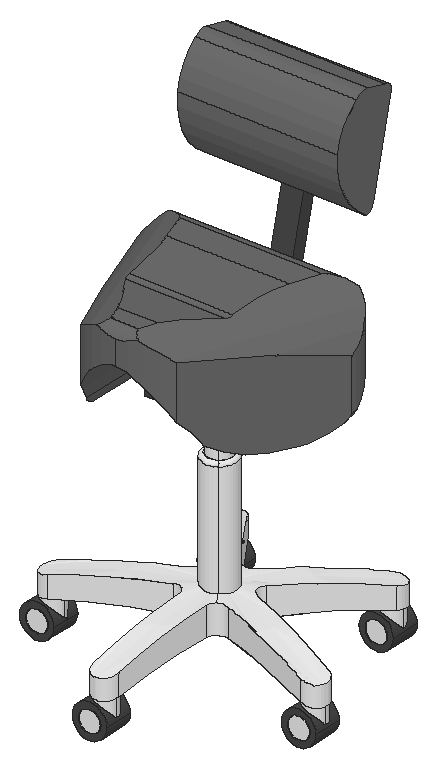
Revit family "Midmark - Royal Saddle Plus Chair", category Furniture, Revit 2017
Family settings
  Work Plane-Based = No
  Always vertical = Yes
  Cut with Voids When Loaded = No
  Shared = No
  Room Calculation Point = No
Parameters (values of type "Royal Saddle Plus Chair")
  URL = ""
  Type Comments = "Midmark Royal Saddle Plus Chair, Black"
  Model = "102-7400-11"
  Manufacturer = "MIDMARK"
  Description = "Confirm Color Selection and Armrests Upon Ordering"
  Base Structure Material = Chrome
  Accessories Material = Black Plastic
  Seat & Back Material = Black Vinyl
Reference planes (in)
  plane 1 "Center (Front/Back)": y = 0
  plane 2: z = 0
  plane 3 "Center (Left/Right)": x = 0
Forms (in)
  Revolve 1, solid, material "Chrome" <- "Base Structure Material"
    sketch origin (7.45649, -10.64898, 0) x (-0.573576, 0.819152, 0) y (0, 0, 1)
      loop
        line (13, 5.3216) -> (13, 3.2062)
        arc (13, 3.2062) -> (18.27494, 3.2344) -> (23.51111, 2.59544) r 41.6378
        line (23.51111, 2.59544) -> (24.03426, 2.49764)
        arc (24.03426, 2.49764) -> (24.18519, 2.41133) -> (24.25, 2.25) r 0.26467
        line (24.25, 2.25) -> (25.97839, 2.25) -> (25.97808, 2.61088)
        arc (25.97808, 2.61088) -> (25.80674, 3.12885) -> (25.36088, 3.44327) r 0.87094
        arc (25.36088, 3.44327) -> (19.24857, 4.83078) -> (13, 5.3216) r 43.31404
      axis (13, 2.25) -> (13, 5.3216)
    angle from 0 to 360
  Extrusion 2, void
    sketch origin (7.45649, -10.64898, 0) x (-0.573576, 0.819152, 0) y (-0.819152, -0.573576, 0)
      loop
        line (12.82738, -2.48509) -> (15.15471, -9.36488)
        arc (15.15471, -9.36488) -> (16.25596, -9.91779) -> (16.82231, -8.82339) r 0.87672
        line (16.82231, -8.82339) -> (14.67801, -1.93392)
        arc (14.67801, -1.93392) -> (14.78739, -1.27015) -> (15.38491, -0.96109) r 0.75
        line (15.38491, -0.96109) -> (22.57575, -0.87278)
        arc (22.57575, -0.87278) -> (23.43749, -0.00066) -> (22.57627, 0.87199) r 0.87245
        line (22.57627, 0.87199) -> (15.38028, 0.96469)
        arc (15.38028, 0.96469) -> (14.78295, 1.27411) -> (14.67396, 1.93794) r 0.75
        line (14.67396, 1.93794) -> (16.8234, 8.82929)
        arc (16.8234, 8.82929) -> (16.25929, 9.92122) -> (15.16045, 9.3707) r 0.8745
        line (15.16045, 9.3707) -> (12.82358, 2.48442)
        arc (12.82358, 2.48442) -> (12.34466, 2.01199) -> (11.67965, 2.11355) r 0.75
        line (11.67965, 2.11355) -> (5.75767, 6.31113)
        arc (5.75767, 6.31113) -> (4.53839, 6.11091) -> (4.72391, 4.88932) r 0.87901
        line (4.72391, 4.88932) -> (10.48004, 0.59733)
        arc (10.48004, 0.59733) -> (10.78172, -0.00396) -> (10.47999, -0.60522) r 0.75
        line (10.47999, -0.60522) -> (4.72325, -4.89703)
        arc (4.72325, -4.89703) -> (4.53855, -6.1108) -> (5.74992, -6.31064) r 0.87362
        line (5.74992, -6.31064) -> (11.68381, -2.11313)
        arc (11.68381, -2.11313) -> (12.34892, -2.01221) -> (12.82738, -2.48509) r 0.75
      loop
        circle (13, 0) r 13.25
    from 0.96289 to 5.26677
  Revolve 3, solid, material "Chrome" <- "Base Structure Material"
    sketch origin (7.45649, -10.64898, 0) x (-0.573576, 0.819152, 0) y (0, 0, 1)
      loop
        line (13, 20.88857) -> (13, 3.68355) -> (14.15616, 3.68355) -> (14.15616, 13.02774)
        arc (14.15616, 13.02774) -> (14.08293, 13.20452) -> (13.90616, 13.27774) r 0.25
        line (13.90616, 13.27774) -> (13.8125, 13.27774) -> (13.8125, 20.88857) -> (13, 20.88857)
      axis (13, 3.68355) -> (13, 20.88857)
    angle from 0 to 360
  Extrusion 4, solid, material "Black Plastic" <- "Accessories Material"
    sketch origin (0, 2.1875, -3) x (0, 1, 0) y (0, 0, 1)
      loop
        line (2.69927, 21.66757) -> (2.69927, 24.16757) -> (-7.375, 24.16757) -> (-7.375, 21.66757) -> (2.69927, 21.66757)
    from -1 to 0.98312
  Extrusion 5, solid, material "Black Plastic" <- "Accessories Material"
    sketch origin (0, 0.96255, -1.53891) x (0, 1, 0) y (0, 0, 1)
      loop
        circle (-2.00152, 21.37078) r 0.5
    from -1 to -1.76688
  Extrusion 6, solid, material "Black Plastic" <- "Accessories Material"
    sketch origin (0, 4.35745, -1.52415) x (0, 1, 0) y (0, 0, 1)
      loop
        circle (-2.00152, 21.37078) r 0.5
    from -1 to -1.76688
  Extrusion 7, solid, material "Black Plastic" <- "Accessories Material"
    sketch origin (0.21875, 0, 0) x (1, 0, 0) y (0, 0, 1)
      loop
        circle (-0.74028, 1.18711) r 0.75
      loop
        circle (-0.74028, 1.18711) r 1.17493
    from 8.5 to 10.5
  Extrusion 8, solid, material "Chrome" <- "Base Structure Material"
    sketch origin (0.21875, 0, 0) x (1, 0, 0) y (0, 0, 1)
      loop
        circle (-0.74028, 1.18711) r 0.75
    from 8.5 to 10.5
  Extrusion 9, solid, material "Chrome" <- "Base Structure Material"
    sketch origin (0, 0, 0) x (1, 0, 0) y (0, 1, 0)
      loop
        circle (-0.13566, -9.5588) r 0.75
    from 1.18355 to 3.1716
  Extrusion 10, solid, material "Black Plastic" <- "Accessories Material"
    sketch origin (9.41059, 6.41649, 0) x (1, 0, 0) y (0, 0, 1)
      loop
        circle (-0.74028, 1.18711) r 0.75
      loop
        circle (-0.74028, 1.18711) r 1.17493
    from 8.5 to 10.5
  Extrusion 11, solid, material "Chrome" <- "Base Structure Material"
    sketch origin (9.41059, 6.41649, 0) x (1, 0, 0) y (0, 0, 1)
      loop
        circle (-0.74028, 1.18711) r 0.75
    from 8.5 to 10.5
  Extrusion 12, solid, material "Chrome" <- "Base Structure Material"
    sketch origin (9.19184, 6.41649, 0) x (1, 0, 0) y (0, 1, 0)
      loop
        circle (-0.13566, -9.5588) r 0.75
    from 1.18355 to 3.1716
  Extrusion 13, solid, material "Black Plastic" <- "Accessories Material"
    sketch origin (6.09418, 17.21421, 0) x (1, 0, 0) y (0, 0, 1)
      loop
        circle (-0.74028, 1.18711) r 0.75
      loop
        circle (-0.74028, 1.18711) r 1.17493
    from 8.5 to 10.5
  Extrusion 14, solid, material "Chrome" <- "Base Structure Material"
    sketch origin (6.09418, 17.21421, 0) x (1, 0, 0) y (0, 0, 1)
      loop
        circle (-0.74028, 1.18711) r 0.75
    from 8.5 to 10.5
  Extrusion 15, solid, material "Chrome" <- "Base Structure Material"
    sketch origin (5.87543, 17.21421, 0) x (1, 0, 0) y (0, 1, 0)
      loop
        circle (-0.13566, -9.5588) r 0.75
    from 1.18355 to 3.1716
  Extrusion 16, solid, material "Black Plastic" <- "Accessories Material"
    sketch origin (-5.14788, 17.40517, 0) x (1, 0, 0) y (0, 0, 1)
      loop
        circle (-0.74028, 1.18711) r 0.75
      loop
        circle (-0.74028, 1.18711) r 1.17493
    from 8.5 to 10.5
  Extrusion 17, solid, material "Chrome" <- "Base Structure Material"
    sketch origin (-5.14788, 17.40517, 0) x (1, 0, 0) y (0, 0, 1)
      loop
        circle (-0.74028, 1.18711) r 0.75
    from 8.5 to 10.5
  Extrusion 18, solid, material "Chrome" <- "Base Structure Material"
    sketch origin (-5.36663, 17.40517, 0) x (1, 0, 0) y (0, 1, 0)
      loop
        circle (-0.13566, -9.5588) r 0.75
    from 1.18355 to 3.1716
  Extrusion 19, solid, material "Black Plastic" <- "Accessories Material"
    sketch origin (-8.81635, 6.79627, 0) x (1, 0, 0) y (0, 0, 1)
      loop
        circle (-0.74028, 1.18711) r 0.75
      loop
        circle (-0.74028, 1.18711) r 1.17493
    from 8.5 to 10.5
  Extrusion 20, solid, material "Chrome" <- "Base Structure Material"
    sketch origin (-8.81635, 6.79627, 0) x (1, 0, 0) y (0, 0, 1)
      loop
        circle (-0.74028, 1.18711) r 0.75
    from 8.5 to 10.5
  Extrusion 21, solid, material "Chrome" <- "Base Structure Material"
    sketch origin (-9.0351, 6.79627, 0) x (1, 0, 0) y (0, 1, 0)
      loop
        circle (-0.13566, -9.5588) r 0.75
    from 1.18355 to 3.1716
  Extrusion 22, solid, material "Black Plastic" <- "Accessories Material"
    sketch origin (0, 0, 0) x (0, 1, 0) y (0, 0, 1)
      loop
        line (4.85873, 20.97836) -> (5.72296, 20.76288) -> (7.43305, 27.6217) -> (7.71208, 31.61196) -> (6.89453, 31.68348) -> (6.55218, 27.77043) -> (4.85873, 20.97836)
    from -0.76688 to 0.73312
  Extrusion 23, solid, material "Black Vinyl" <- "Seat & Back Material"
    sketch origin (0, 0, 0) x (1, 0, 0) y (0, 0, 1)
      loop
        arc (-5.7917, 24.77204) -> (-7.33461, 23.58535) -> (-8.00498, 21.75794) r 3.5
        line (-8.00498, 21.75794) -> (-8.00498, 18.25794)
        arc (-8.00498, 18.25794) -> (-7.57297, 17.10247) -> (-6.48887, 16.51385) r 1.76122
        line (-6.48887, 16.51385) -> (-5.99864, 16.51385)
        arc (-5.99864, 16.51385) -> (-4.71411, 16.94365) -> (-3.94689, 18.05996) r 2.13443
        arc (-3.94689, 18.05996) -> (-2.85393, 20.35352) -> (-1.07511, 22.16757) r 7.71332
        arc (-1.07511, 22.16757) -> (0, 22.51774) -> (1.07511, 22.16757) r 1.82548
        arc (1.07511, 22.16757) -> (2.85393, 20.35352) -> (3.94689, 18.05996) r 7.71332
        arc (3.94689, 18.05996) -> (4.71411, 16.94365) -> (5.99864, 16.51385) r 2.13443
        line (5.99864, 16.51385) -> (6.48887, 16.51385)
        arc (6.48887, 16.51385) -> (7.57297, 17.10247) -> (8.00498, 18.25794) r 1.76122
        line (8.00498, 18.25794) -> (8.00498, 21.75794)
        arc (8.00498, 21.75794) -> (7.41514, 23.47096) -> (6.0478, 24.65957) r 3.5
        arc (6.0478, 24.65957) -> (5.81062, 24.74356) -> (5.56062, 24.77204) r 1.11135
        line (5.56062, 24.77204) -> (-5.7917, 24.77204)
    from -4.09635 to 9.2617
  Extrusion 24, void
    sketch origin (0, 0, 0) x (0, 1, 0) y (0, 0, 1)
      loop
        line (-8.12867, 24.76478) -> (-8.12867, 25.01385) -> (-10.57728, 25.01385) -> (-10.57728, 15.76385) -> (-2.93391, 15.76385) -> (-2.93391, 16.54162)
        arc (-2.93391, 16.54162) -> (-6.00467, 17.62483) -> (-8.1915, 20.03743) r 6.64164
        arc (-8.1915, 20.03743) -> (-8.86849, 21.80104) -> (-9.09871, 23.67604) r 7.75044
        arc (-9.09871, 23.67604) -> (-8.82102, 24.40514) -> (-8.12867, 24.76478) r 1.096
    from -9.06307 to 8.86472
  Extrusion 25, void
    sketch origin (0, 0, 0) x (0, 1, 0) y (0, 0, 1)
      loop
        arc (2.65501, 24.77204) -> (3.53001, 24.40961) -> (3.89244, 23.53461) r 1.23744
        arc (3.89244, 23.53461) -> (3.72077, 21.75168) -> (3.21205, 20.03427) r 9.34405
        arc (3.21205, 20.03427) -> (1.43073, 17.67038) -> (-1.29388, 16.51385) r 5.7181
        line (-1.29388, 16.51385) -> (-1.29388, 15.76385) -> (4.45612, 15.76385) -> (4.45612, 25.26385) -> (2.65501, 25.26385) -> (2.65501, 24.77204)
    from -9.43917 to 8.73935
  Extrusion 26, void
    sketch origin (0, 0, 0) x (0, 1, 0) y (0, 0, 1)
      loop
        arc (-7.04154, 24.7634) -> (-5.40038, 24.62039) -> (-3.77609, 24.3455) r 20.41235
        arc (-3.77609, 24.3455) -> (-3.52334, 24.33244) -> (-3.27883, 24.39777) r 0.81259
        arc (-3.27883, 24.39777) -> (-1.27236, 24.65303) -> (0.74678, 24.77204) r 29.89508
        line (0.74678, 24.77204) -> (0.74678, 25.27204) -> (-7.04154, 25.27204) -> (-7.04154, 24.7634)
    from -9.31381 to 8.73935
  Extrusion 27, void
    sketch origin (0, 0, 0) x (1, 0, 0) y (0, 1, 0)
      loop
        line (-5.85383, 3.85412) -> (0, 3.85412) -> (0, 5.96726) -> (-9.75, 5.96726) -> (-9.75, -11.03274) -> (0, -11.03274) -> (0, -8.96765)
        arc (0, -8.96765) -> (-1.75065, -8.65847) -> (-3.28949, -7.76834) r 5.11089
        line (-3.28949, -7.76834) -> (-7.94289, 1.36447)
        arc (-7.94289, 1.36447) -> (-7.47883, 3.09637) -> (-5.85383, 3.85412) r 2.12129
    from 13.27774 to 31.61196
  Extrusion 28, void
    sketch origin (0, 0, 0) x (-1, 0, 0) y (0, -1, 0)
      loop
        arc (-5.85383, -3.85412) -> (-7.47883, -3.09637) -> (-7.94289, -1.36447) r 2.12129
        line (-7.94289, -1.36447) -> (-3.28949, 7.76834)
        arc (-3.28949, 7.76834) -> (-1.75065, 8.65847) -> (0, 8.96765) r 5.11089
        line (0, 8.96765) -> (0, 11.03274) -> (-9.75, 11.03274) -> (-9.75, -5.96726) -> (0, -5.96726) -> (0, -3.85412) -> (-5.85383, -3.85412)
    from 13.27774 to 31.61196
  Extrusion 29, void
    sketch origin (-4.23581, 0.80513, 0) x (0.939693, 0.34202, 0) y (0, 0, 1)
      loop
        arc (-3.5756, 20.36498) -> (-2.01586, 23.37649) -> (0.9244, 25.06669) r 6.019
        line (0.9244, 25.06669) -> (0.9244, 25.5134) -> (-5.3256, 25.5134) -> (-5.3256, 19.07845) -> (-3.5756, 19.07845) -> (-3.5756, 20.36498)
    from -3.85412 to 11.11562
  Extrusion 30, void
    sketch origin (4.23581, 0.80513, 0) x (-0.939693, 0.34202, 0) y (0, 0, -1)
      loop
        line (-3.5756, -20.36498) -> (-3.5756, -19.07845) -> (-5.3256, -19.07845) -> (-5.3256, -25.5134) -> (0.9244, -25.5134) -> (0.9244, -25.06669)
        arc (0.9244, -25.06669) -> (-2.01586, -23.37649) -> (-3.5756, -20.36498) r 6.019
    from -3.85412 to 11.11562
  Extrusion 31, solid, material "Black Vinyl" <- "Seat & Back Material"
    sketch origin (0, 0, 0) x (0, 1, 0) y (0, 0, 1)
      loop
        arc (7.81888, 33.98014) -> (7.72634, 34.35998) -> (7.40519, 34.58294) r 0.55125
        line (7.40519, 34.58294) -> (5.82141, 34.97781)
        arc (5.82141, 34.97781) -> (5.31421, 34.93888) -> (4.85549, 34.719) r 1.38139
        arc (4.85549, 34.719) -> (3.79099, 33.53218) -> (3.29542, 32.01689) r 3.869
        arc (3.29542, 32.01689) -> (3.76471, 29.32519) -> (5.59687, 27.29822) r 4.92333
        arc (5.59687, 27.29822) -> (6.00122, 27.34786) -> (6.24639, 27.67322) r 0.52131
        line (6.24639, 27.67322) -> (7.81888, 33.98014)
    from -5.51688 to 5.48312
  Extrusion 32, solid, material "Black Plastic" <- "Accessories Material"
    sketch origin (0, 0, 0) x (0, 1, 0) y (0, 0, 1)
      loop
        line (7.81888, 33.98014) -> (6.24639, 27.67322) -> (6.36768, 27.64298) -> (7.94017, 33.9499) -> (7.81888, 33.98014)
    from -4.51681 to 4.48306
  Extrusion 33, solid, material "Black Plastic" <- "Accessories Material"
    sketch origin (0, 0, 0) x (0, 1, 0) y (0, 0, 1)
      loop
        line (5.96902, 20.74056) -> (3.62477, 21.31408) -> (2.89986, 18.94303) -> (5.38076, 18.33608) -> (5.96902, 20.74056)
    from -1 to 0.98312
  Sweep 34, solid, material "Black Plastic" <- "Accessories Material"
    path origin (0, 0, 0) x (1, 0, 0) y (0, 1, 0)
      loop
        arc (-2.69855, 6.9213) -> (0.01102, 7.76714) -> (2.72059, 6.9213) r 4.76287
    profile origin (0.01102, 7.76714, 0) x (0, 1, 0) y (0, 0, 1)
      loop
        spline (-0.00612, 30.24538) -> (0.0477, 30.26242) -> (0.09786, 30.31237) -> (0.14093, 30.39183) -> (0.17398, 30.49538) -> (0.19476, 30.61597) -> (0.20184, 30.74538) -> (0.19476, 30.87479) -> (0.17398, 30.99538) -> (0.14093, 31.09893) -> (0.09786, 31.17839) -> (0.0477, 31.22834) -> (-0.00612, 31.24538)
        spline (-0.00612, 31.24538) -> (-0.05995, 31.22834) -> (-0.11011, 31.17839) -> (-0.15318, 31.09893) -> (-0.18623, 30.99538) -> (-0.207, 30.87479) -> (-0.21409, 30.74538) -> (-0.207, 30.61597) -> (-0.18623, 30.49538) -> (-0.15318, 30.39183) -> (-0.11011, 30.31237) -> (-0.05995, 30.26242) -> (-0.00612, 30.24538)
  Extrusion 35, solid, material "Black Plastic" <- "Accessories Material"
    sketch origin (0, 0, 0) x (1, 0, 0) y (0, 0, 1)
      loop
        line (-1.9002, 22.21078) -> (-1, 21.16757) -> (0.98312, 21.16757) -> (1.90061, 22.21078) -> (-1.9002, 22.21078)
    from -0.79067 to 5.1875
Cuts and joins
  Extrusion 2 cuts Revolve 1
  Extrusion 24, Extrusion 25, Extrusion 26, Extrusion 27, Extrusion 28, Extrusion 29, Extrusion 30 cuts Extrusion 23
Dimensions and locks (in)
  aligned and locked: level to plane 2
